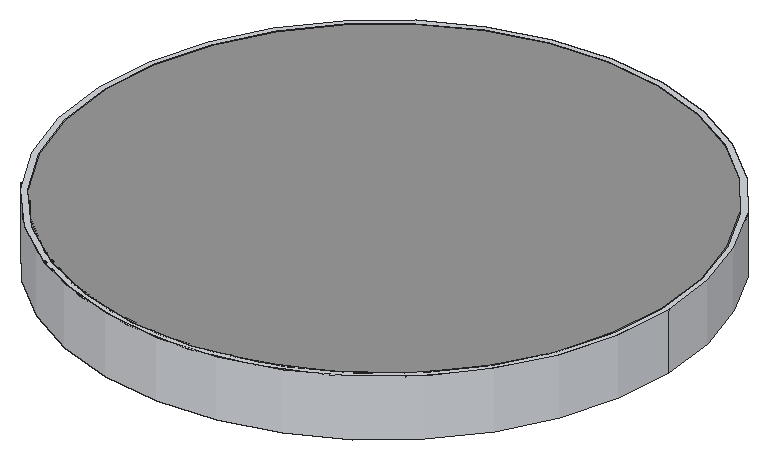
Revit family "2071208", category Lighting Fixtures, host Face, Revit 2018
Family settings
  Host = Face
  Round Connector Dimension = Use Diameter
  Part Type = Normal
  OmniClass Number = 23.80.70.00
  OmniClass Title = Lighting
  Cut with Voids When Loaded = No
  Light Source = Yes
  Shared = No
  Room Calculation Point = No
Parameters (values of type "2071208 COLOSSAL 600 830 PR DIR+H WHT SSC")
  iner diameter = 588 mm
  Weight = "n/a"
  Wattage Comments = ""
  Wattage = 30 W
  WarrantyStartDate [instance] = "n/a"
  WarrantyGuarantorParts = "n/a"
  WarrantyDurationUnit = "n/a"
  WarrantyDurationParts = ""
  WarrantyDescription = "http://www.sylvania-lighting.com"
  built-in parameter 1150110 = 1 (stored number, unit not read)
  Voltage = 230 V
  URL = "0.99"
  TypeName = "COLOSSAL 600mm 830 PRISM DIR+HAL WHITE SSC"
  Type Image = <None>
  Type Comments = "n/a"
  built-in parameter 1114217 = 1 (stored number, unit not read)
  Tilt Angle = -90.00°
  built-in parameter 1150109 = 1 (stored number, unit not read)
  built-in parameter 1150134 = (empty or 0)
  built-in parameter 1150113 = 1 (stored number, unit not read)
  SerialNumber [instance] = "n/a"
  Photometric Web File = "2071208.ies"
  Material_3_SYL = LED-Sylvania
  PowerFactor = 0
  PowerConsumption = "Lighting"
  NominalLength = 600 mm
  NominalHeight = 93 mm
  NominalDepth = 600 mm
  Name = "COLOSSAL 600mm 830 PRISM DIR+HAL WHITE SSC"
  ModelReference = Name  # "COLOSSAL 600mm 830 PRISM DIR+HAL WHITE SSC"
  ModelNumber = "2071208"
  Model = Name  # "COLOSSAL 600mm 830 PRISM DIR+HAL WHITE SSC"
  Material = "Feilo Sylvania"
  ManufacturerName = "125 lm/W"
  Manufacturer = ""
  LuminousEfficacy = ""
  built-in parameter 1150105 = 270.44 (stored number, unit not read)
  Lumens = 3398.4 lm
  LuminaireType = "0"
  built-in parameter 1150115 = 1 (stored number, unit not read)
  LightOutputRatio = "LED"
  built-in parameter 1150137 = (empty or 0)
  built-in parameter 1150139 = (empty or 0)
  LampsType = Lamp  # "n/a"
  LampNominalLuminous = "3000 K"
  LampMacAdamStep = "80"
  LampColourTemperature = "LED"
  LampColourRenderingIndex = "16500"
  built-in parameter 1150112 = 1 (stored number, unit not read)
  built-in parameter 1150114 = 1 (stored number, unit not read)
  Lamp = "n/a"
  Keynote = "n/a"
  InstallationDate [instance] = "n/a"
  InputVoltage = "0"
  InputNominalFrequency = "3000"
  built-in parameter 1150132 = (empty or 0)
  built-in parameter 1150102 = (empty or 0)
  built-in parameter 1150107 = 3000 (stored number, unit not read)
  built-in parameter 1150138 = (empty or 0)
  IngressProtection = "IfcLightFixtureType"
  ImpactProtectionIndex = "IfcLightFixtureType"
  built-in parameter 1150106 = 2.7044 (stored number, unit not read)
  IfcExportType = "IfcLightFixtureType"
  IfcExportAs = "Class I"
  Emit from Circle Diameter = 385 mm
  Emit Shape Visible in Rendering = no
  ElectricShockClassification = "125"
  built-in parameter 1150104 = 10.524 (stored number, unit not read)
  DocumentationLiterature = "http://www.sylvania-lighting.com/product/en-int/products/2071208"
  DimmingControlOptions = "n/a"
  Material_2_SYL = Polycarbonate_Sylvania_White
  Dimming Lamp Color Temperature Shift = <None>
  Description = "600mm diameter circular architectural luminaire, can be surface mounted or suspended. Powder coated aluminium housing (RAL9016) with PMMA prismatic diffuser. Direct/indirect (halo) light distribution, 3900lm luminuous flux, 31.3W system power, 125lm/W luminiaire efficacy. Sylsmart Standalone enabled. Colour rendering index Ra >80, 3000K Warm White LED, chromaticity tolerance of 3-step MacAdam ellipse. IP40, IK03. 350mA drive current. UGR≤19. Electrical protection Class1, 220-240V. Reported lifetime 66k hours L90B10."
  Default Elevation = 1219.2 mm
  CreatedOn = "23/03/2022"
  CreatedBy = "@sylvania-lighting.com"
  Cost = 0
  Color Filter = 16777215
  built-in parameter 1114216 [instance] = (empty or 0)
  ClassificationValue = "EF_70_80"
  ClassificationName = "Uniclass2015"
  Material_1_SYL = Polycarbonate_Sylvania_Opal
  BarCode [instance] = "n/a"
  built-in parameter 1114218 = 1 (stored number, unit not read)
  built-in parameter 1150133 = 10 (stored number, unit not read)
  AssetType = "Fixed"
  AssetIdentifier [instance] = "n/a"
  Assembly Code = "D5020200"
  Apparent Load = 31.3 VA
  Material_4_SYL = none
Reference planes
  plane 1 "Center (Front/Back)": y = 0
  plane 2: z = 0
  plane 3 "Center (Left/Right)": x = 0
  plane 4: x = -300
  plane 5: x = 300
  plane 6: y = 300
  plane 7: y = -300
  plane 8: y = 212
  plane 9: y = -212
  plane 10: z = 93
  plane 11: y = 294
  plane 12: y = -294
  plane 13: through (0, 0, 1219.2) normal (0.5, -0.866, 0)
  plane 14: through (-134.29, 20.617, 1219.2) normal (0.5, -0.866, 0)
  plane 15: through (-144.685, -181.683, 1219.2) normal (-0.5, 0.866, 0)
  plane 16: through (0, 0, 1219.2) normal (0.5, 0.866, 0)
  plane 17: through (178.555, -4.939, 1219.2) normal (0.5, 0.866, 0)
  plane 18: through (87.581, -148.715, 1219.2) normal (0.5, 0.866, 0)
  plane 19: y = 272
  plane 20: through (105.168, 227.067, 1219.2) normal (0.866, 0.5, 0)
  plane 21: through (-104.171, 225.672, 1219.2) normal (0.8572, -0.515, 0)
  plane 22: y = -204.612
  plane 23: through (-296.643, -30.2, 1219.2) normal (0.866, 0.5, 0)
  plane 24: through (153.092, -278.837, 1219.2) normal (-0.866, 0.5, 0)
Forms (mm)
  Extrusion 1, solid, detail levels medium+fine
    sketch origin (0, 0, 0) x (1, 0, 0) y (0, 1, 0)
      loop
        circle (0, 0) r 300
    from 33.023 to 93
  Extrusion 2, void
    sketch origin (0, 0, 0) x (1, 0, 0) y (0, 1, 0)
      loop
        circle (0, 0) r 294
    from 93 to 37.292
  Extrusion 3, solid, material "Glass, White, High Luminance", detail levels fine
    sketch origin (0, 0, 0) x (1, 0, 0) y (0, 1, 0)
      loop
        circle (0, 0) r 294
    from 88.026 to 93
  Extrusion 4, solid, detail levels coarse
    sketch origin (0, 0, 0) x (1, 0, 0) y (0, 1, 0)
      loop
        line (-300, 300) -> (-300, -300) -> (300, -300) -> (300, 300) -> (-300, 300)
    from 0 to 93
  Blend 5, solid, detail levels medium+fine
    base sketch origin (0, 0, 0) x (1, 0, 0) y (0, 1, 0)
      loop
        line (-76.334, 272) -> (-277.665, -63.07) -> (-195.946, -204.612) -> (195.946, -204.612) -> (275.172, -67.388) -> (79.226, 272) -> (-76.334, 272)
    top sketch origin (0, 0, 0) x (1, 0, 0) y (0, 1, 0)
      loop
        line (-226.097, -32.388) -> (-141.097, -179.612) -> (141.097, -179.612) -> (226.097, -32.388) -> (85, 212) -> (-85, 212) -> (-226.097, -32.388)
    from 33.023 to 0
Cuts and joins
  Extrusion 2 cuts Extrusion 1
Lines and regions (mm)
  model lines
    curve 1: line (-85, 212, 0) -> (0, 212, 0)
    curve 2: line (0, 212, 0) -> (85, 212, 0)
Dimensions and locks
  "NominalDepth": plane 6 to plane 7
  "NominalLength": plane 4 to plane 5
  equal spacing: plane 4, plane 3 "Center (Left/Right)", plane 5
  "iner diameter": plane 11 to plane 12
  equal spacing: plane 11, plane 1 "Center (Front/Back)", plane 12
  equal spacing: plane 6, plane 1 "Center (Front/Back)", plane 7
  "NominalHeight": plane 10 to level
  radius of Extrusion 2 sketch curve = 294 mm
  aligned and locked: plane 2 to host face
  aligned and locked: level to host face
Automatic sketch dimensions
  host sketch curve to host sketch curve = 2438.4 mm  (x2)
  plane 1 "Center (Front/Back)" to Extrusion 1 sketch curve = 0 mm
  Extrusion 1 sketch curve to plane 3 "Center (Left/Right)" = 0 mm
  plane 1 "Center (Front/Back)" to Extrusion 2 sketch curve = 0 mm
  Extrusion 2 sketch curve to plane 3 "Center (Left/Right)" = 0 mm
  plane 1 "Center (Front/Back)" to Extrusion 3 sketch curve = 0 mm
  Extrusion 3 sketch curve to plane 3 "Center (Left/Right)" = 0 mm
  Extrusion 4 sketch curve to plane 4 = 0 mm
  Extrusion 4 sketch curve to plane 5 = 0 mm
  Extrusion 4 sketch curve to plane 7 = 0 mm
  Extrusion 4 sketch curve to plane 6 = 0 mm
  Blend 5 sketch curve to plane 8 = 0 mm
  Blend 5 sketch curve to plane 3 "Center (Left/Right)" = 85 mm
  plane 3 "Center (Left/Right)" to Blend 5 sketch curve = 85 mm
  plane 9 to Blend 5 sketch curve = 32.388 mm
  plane 3 "Center (Left/Right)" to Blend 5 sketch curve = 141.097 mm
  plane 1 "Center (Front/Back)" to Blend 5 sketch curve = 32.388 mm  (x2)
  Blend 5 sketch curve to plane 5 = 73.903 mm
  Blend 5 sketch curve to plane 3 "Center (Left/Right)" = 141.097 mm
  plane 4 to Blend 5 sketch curve = 73.903 mm
  curve 1 to plane 8 = 0 mm
  curve 2 to plane 3 "Center (Left/Right)" = 0 mm
  curve 1 to plane 3 "Center (Left/Right)" = 85 mm
  curve 1 to curve 2 = 85 mm
  Blend 5 sketch curve to plane 21 = 0 mm
  Blend 5 sketch curve to plane 23 = 0 mm  (x2)
  Blend 5 sketch curve to plane 22 = 0 mm
  Blend 5 sketch curve to plane 19 = 0 mm
  plane 21 to Blend 5 sketch curve = 0 mm
  Blend 5 sketch curve to plane 20 = 0 mm  (x2)
  Blend 5 sketch curve to plane 24 = 0 mm  (x2)
  radius of Extrusion 1 sketch curve = 300 mm
  radius of Extrusion 3 sketch curve = 294 mm
Connectors
  electrical at (0, 0, 0), driven by "Apparent Load", driven by "PowerFactor", driven by "Voltage"
    settings: index 1, voltage 230 V, apparent load 31.3 VA, apparent load phase1 0 VA, apparent load phase2 0 VA, apparent load phase3 0 VA, power factor 0, load classification "Lighting", number of poles 1, system type 30, power factor state 1, is connector primary yes, connector utility no, sub classification motor no, connector description ""
